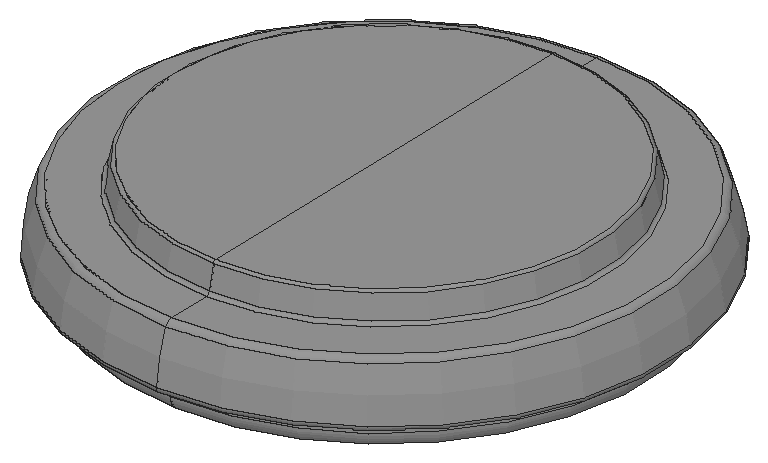
Revit family "FMK11_63_UN_Surface-mounted_ETK", category Lighting Fixtures, Revit 2017 (continued)
Definition of nested family "FMK.1 - Lightsource"
  Types (13, lengths in mm): name | Wattage Comments | Photometric Web File | built-in parameter 1150142 | Apparent Load
    FMK.1109.10N - Ø250x48 / 12W | "12W" | "FMK.1109.10n.ies" | "IESNA:LM-63-2002\r\n[TEST] /2015\r\n[TESTLAB] ies2eulumdat.appspot.com\r\n[ISSUEDATE] 2021-06-16T09:00:21.829\r\n[MANUFAC] www.etk.nl\r\n[LUMCAT] FMK.1109.10\r\n[LUMINAIRE] FMK.1 LED 12W 3000/4000/5700K ø250 niet dimbaar\r\n[LAMPCAT] LED\r\n[LAMP] LED\r\nTILT=NONE\r\n1\t1150\t1\t46\t180\t1\t2\t-0.250\t-0.250\t0\r\n1.0\t1.0\t11.80\r\n0\t 2\t 4\t 6\t 8\t 10\t 12\t 14\t 16\t 18\r\n20\t 22\t 24\t 26\t 28\t 30\t 32\t 34\t 36\t 38\r\n40\t 42\t 44\t 46\t 48\t 50\t 52\t 54\t 56\t 58\r\n60\t 62\t 64\t 66\t 68\t 70\t 72\t 74\t 76\t 78\r\n80\t 82\t 84\t 86\t 88\t 90\r\n0\t 2\t 4\t 6\t 8\t 10\t 12\t 14\t 16\t 18\r\n20\t 22\t 24\t 26\t 28\t 30\t 32\t 34\t 36\t 38\r\n40\t 42\t 44\t 46\t 48\t 50\t 52\t 54\t 56\t 58\r\n60\t 62\t 64\t 66\t 68\t 70\t 72\t 74\t 76\t 78\r\n80\t 82\t 84\t 86\t 88\t 90\t 92\t 94\t 96\t 98\r\n100\t 102\t 104\t 106\t 108\t 110\t 112\t 114\t 116\t 118\r\n120\t 122\t 124\t 126\t 128\t 130\t 132\t 134\t 136\t 138\r\n140\t 142\t 144\t 146\t 148\t 150\t 152\t 154\t 156\t 158\r\n160\t 162\t 164\t 166\t 168\t 170\t 172\t 174\t 176\t 178\r\n180\t 182\t 184\t 186\t 188\t 190\t 192\t 194\t 196\t 198\r\n200\t 202\t 204\t 206\t 208\t 210\t 212\t 214\t 216\t 218\r\n220\t 222\t 224\t 226\t 228\t 230\t 232\t 234\t 236\t 238\r\n240\t 242\t 244\t 246\t 248\t 250\t 252\t 254\t 256\t 258\r\n260\t 262\t 264\t 266\t 268\t 270\t 272\t 274\t 276\t 278\r\n280\t 282\t 284\t 286\t 288\t 290\t 292\t 294\t 296\t 298\r\n300\t 302\t 304\t 306\t 308\t 310\t 312\t 314\t 316\t 318\r\n320\t 322\t 324\t 326\t 328\t 330\t 332\t 334\t 336\t 338\r\n340\t 342\t 344\t 346\t 348\t 350\t 352\t 354\t 356\t 358\r\n\r\n405.3384\t404.7765\t404.2265\t402.9975\t401.1013\t399.2051\t395.3191\t391.4331\t387.5471\t383.661\r\n379.7751\t373.4779\t367.169\t360.8717\t354.5746\t348.2657\t339.7094\t331.1415\t322.5852\t314.029\r\n305.461\t294.8096\t284.1582\t273.5069\t262.8555\t252.2041\t239.7267\t227.261\t214.7837\t202.3181\r\n189.8525\t177.3751\t164.9094\t152.432\t139.9664\t127.4891\t0\t0\t0\t0\r\n0\t0\t0\t0\t0\t0\r\n405.3384\t404.7925\t404.2577\t403.0448\t401.1686\t399.2994\t395.4335\t391.5606\t387.7102\t383.8203\r\n379.9334\t373.6444\t367.3443\t361.0453\t354.7325\t348.4388\t339.8983\t331.3616\t322.8117\t314.2627\r\n305.722\t295.0872\t284.4404\t273.8022\t263.1576\t252.5163\t240.0548\t227.5873\t215.131\t202.664\r\n190.1945\t177.7378\t165.2697\t152.8012\t140.3312\t128.1946\t0.3296\t0\t0\t0\r\n0\t0\t0\t0\t0\t0\r\n405.3384\t404.8094\t404.2892\t403.0935\t401.2796\t399.4809\t395.6213\t391.7396\t387.8385\t383.9437\r\n380.072\t373.802\t367.5085\t361.2065\t354.9129\t348.6531\t340.137\t331.5961\t323.0451\t314.5012\r\n305.9895\t295.3818\t284.734\t274.0862\t263.4264\t252.8071\t240.376\t227.9231\t215.4572\t202.995\r\n190.53\t178.0631\t165.6056\t153.1389\t140.6717\t129.4859\t1.3419\t0\t0\t0\r\n0\t0\t0\t0\t0\t0\r\n405.3384\t404.8271\t404.3209\t403.1488\t401.3532\t399.5783\t395.7291\t391.8382\t387.9181\t384.0265\r\n380.1901\t373.9544\t367.6616\t361.3486\t355.0482\t348.8012\t340.3437\t331.8018\t323.2501\t314.6929\r\n306.2129\t295.662\t285.012\t274.3604\t263.7094\t253.1247\t240.74\t228.2758\t215.8122\t203.3491\r\n190.8749\t178.4127\t165.9503\t153.4898\t141.027\t131.3458\t3.1025\t0\t0\t0\r\n0\t0\t0\t0\t0\t0\r\n405.3384\t404.8458\t404.3591\t403.1978\t401.4167\t399.6486\t395.7816\t391.8937\t388.0038\t384.1068\r\n380.2987\t374.1143\t367.817\t361.5156\t355.2003\t348.9967\t340.5979\t332.043\t323.4957\t314.942\r\n306.4955\t295.9896\t285.3021\t274.6328\t263.9659\t253.4202\t241.0823\t228.6129\t216.1591\t203.6915\r\n191.2234\t178.7558\t166.3001\t153.8352\t141.371\t133.6544\t5.718\t0\t0\t0\r\n0\t0\t0\t0\t0\t0\r\n405.3384\t404.8652\t404.3908\t403.2459\t401.4706\t399.6646\t395.8675\t391.9843\t388.0857\t384.1821\r\n380.4316\t374.3456\t368.0256\t361.7021\t355.3697\t349.2\t340.8799\t332.2872\t323.6935\t315.0968\r\n306.6804\t296.3012\t285.6181\t274.9391\t264.248\t253.707\t241.4578\t228.9766\t216.4988\t204.0245\r\n191.5571\t179.0864\t166.6186\t154.1544\t141.6922\t136.24\t9.3369\t0\t0\t0\r\n0\t0\t0\t0\t0\t0\r\n405.3384\t404.8854\t404.4219\t403.2933\t401.5055\t399.7186\t395.9651\t392.0842\t388.1903\t384.3067\r\n380.5784\t374.5562\t368.2162\t361.8639\t355.4958\t349.3364\t341.1183\t332.5123\t323.9013\t315.2964\r\n306.9063\t296.6299\t285.9122\t275.1976\t264.4831\t253.9575\t241.8218\t229.3201\t216.8328\t204.3396\r\n191.8483\t179.3695\t166.8926\t154.4222\t141.9565\t138.8551\t14.1501\t0\t0\t0\r\n0\t0\t0\t0\t0\t0\r\n405.3384\t404.9066\t404.4521\t403.3398\t401.5506\t399.7766\t396.0731\t392.2029\t388.3231\t384.3922\r\n380.6589\t374.7488\t368.3792\t361.9898\t355.5837\t349.4181\t341.3685\t332.7528\t324.1099\t315.4532\r\n307.0598\t296.9581\t286.2249\t275.4731\t264.7159\t254.1799\t242.1928\t229.6762\t217.1659\t204.6692\r\n192.1717\t179.6758\t167.1817\t154.6978\t142.2295\t141.3105\t20.401\t0\t0\t0\r\n0\t0\t0\t0\t0\t0\r\n405.3384\t404.9688\t404.4817\t403.3908\t401.5946\t399.8358\t396.2032\t392.3475\t388.4203\t384.4425\r\n380.7195\t374.9437\t368.5473\t362.1238\t355.6851\t349.5134\t341.9282\t332.9785\t324.3069\t315.6402\r\n306.9436\t297.5694\t286.5262\t275.7395\t264.9593\t254.1623\t242.7912\t230.0358\t217.5005\t204.986\r\n192.4711\t179.9636\t167.4644\t154.9748\t142.4941\t143.2492\t28.3764\t0\t0\t0\r\n0\t0\t0\t0\t0\t0\r\n405.3384\t404.9901\t404.5102\t403.434\t401.6375\t399.8986\t396.3675\t392.4653\t388.4946\t384.4886\r\n380.7515\t375.1532\t368.7296\t362.2829\t355.7949\t349.2691\t342.1908\t333.257\t324.528\t315.7751\r\n307.0363\t297.9246\t286.8722\t276.0236\t265.1733\t254.3419\t243.18\t230.433\t217.8766\t205.3224\r\n192.7845\t180.2462\t167.7206\t155.2142\t142.724\t144.3059\t38.4235\t0\t0\t0\r\n0\t0\t0\t0\t0\t0\r\n405.3384\t405.0108\t404.5376\t403.4745\t401.6757\t399.9613\t396.5103\t392.5677\t388.5717\t384.5293\r\n380.4421\t375.6788\t368.9428\t362.4278\t355.8852\t349.3419\t342.4468\t333.4846\t324.7196\t315.9401\r\n307.1422\t298.1755\t287.1691\t276.2852\t265.4162\t254.5351\t243.54\t230.8321\t218.2158\t205.6051\r\n193.0422\t180.5018\t167.9628\t155.4439\t142.9509\t130.4715\t80.1717\t0\t0\t0\r\n0\t0\t0\t0\t0\t0\r\n405.3384\t405.0308\t404.5638\t403.5122\t401.7197\t400.0344\t396.6479\t392.675\t388.642\t384.5539\r\n380.446\t375.8849\t369.1475\t362.5941\t356.0076\t349.3402\t342.606\t333.7678\t324.9507\t316.0958\r\n307.1888\t298.3823\t287.5427\t276.5987\t265.6547\t254.6769\t243.7733\t231.1892\t218.5583\t205.9536\r\n193.3574\t180.7795\t168.2176\t155.6732\t143.1664\t130.6811\t92.6587\t0\t0\t0\r\n0\t0\t0\t0\t0\t0\r\n405.3384\t405.0504\t404.5956\t403.547\t401.7653\t400.0733\t397.0342\t392.7846\t388.7175\t384.6009\r\n380.4658\t376.0643\t369.3866\t362.7735\t356.0799\t349.3699\t342.7566\t334.0832\t325.1628\t316.2179\r\n307.2752\t298.5357\t287.9146\t276.8913\t265.8705\t254.8646\t244.0337\t231.6235\t218.9315\t206.265\r\n193.6356\t181.0339\t168.4572\t155.9156\t143.3861\t130.8825\t104.473\t0\t0\t0\r\n0\t0\t0\t0\t0\t0\r\n405.3384\t405.0692\t404.6173\t403.5726\t401.812\t400.0922\t397.1653\t392.8976\t388.795\t384.6787\r\n380.4567\t376.1942\t369.6246\t362.9226\t356.2055\t349.4272\t342.8367\t334.3769\t325.3805\t316.3703\r\n307.3625\t298.3377\t288.5546\t277.2123\t266.1258\t255.0391\t244.1559\t232.0335\t219.3073\t206.6258\r\n193.9576\t181.3129\t168.7045\t156.1324\t143.5875\t131.0872\t115.0185\t0\t0\t0\r\n0\t0\t0\t0\t0\t0\r\n405.3384\t405.0876\t404.6362\t403.6022\t401.8688\t399.828\t397.2783\t392.9976\t388.9023\t384.7385\r\n380.4432\t376.2623\t369.8607\t363.1303\t356.3361\t349.4819\t342.5273\t334.9205\t325.6274\t316.563\r\n307.4647\t298.325\t288.8953\t277.552\t266.3836\t255.2249\t244.066\t232.6598\t219.71\t206.9637\r\n194.2635\t181.5828\t168.9417\t156.3369\t143.7678\t131.2452\t123.6219\t0\t0\t0\r\n0\t0\t0\t0\t0\t0\r\n405.3384\t405.1054\t404.6527\t403.6299\t401.9954\t399.8313\t397.3825\t393.1311\t389.0376\t384.7914\r\n380.4256\t376.2601\t370.1442\t363.3441\t356.5\t349.5195\t342.4467\t335.1645\t325.9313\t316.7695\r\n307.548\t298.3169\t289.1161\t277.9297\t266.651\t255.4032\t244.1853\t232.9715\t220.1319\t207.3312\r\n194.5444\t181.8166\t169.148\t156.5181\t143.9438\t131.4005\t129.5504\t10.7169\t0\t0\r\n0\t0\t0\t0\t0\t0\r\n405.3384\t405.1227\t404.6665\t403.6558\t402.0282\t399.8387\t397.4732\t393.2952\t389.1616\t384.8421\r\n380.4176\t375.9014\t370.721\t363.6037\t356.6569\t349.5494\t342.4061\t335.3294\t326.2421\t316.9739\r\n307.6665\t298.3454\t289.1781\t278.2878\t266.963\t255.6467\t244.3238\t233.1536\t220.5163\t207.6577\r\n194.8355\t182.0686\t169.3482\t156.6677\t144.0408\t131.4715\t131.8453\t25.923\t0\t0\r\n0\t0\t0\t0\t0\t0\r\n405.3384\t405.1396\t404.6776\t403.6776\t402.0538\t399.8619\t397.5341\t393.5083\t389.2881\t384.8846\r\n380.4261\t375.832\t370.9139\t363.9038\t356.8028\t349.6355\t342.4017\t335.332\t326.5796\t317.2212\r\n307.8198\t298.3417\t288.8594\t278.9905\t267.339\t255.8866\t244.4302\t233.0061\t221.1259\t208.0094\r\n195.1274\t182.2902\t169.5075\t156.7928\t144.1389\t131.538\t118.9821\t72.5747\t0\t0\r\n0\t0\t0\t0\t0\t0\r\n405.3384\t405.1559\t404.686\t403.7113\t402.0482\t399.882\t397.6063\t393.7003\t389.4083\t384.9648\r\n380.4586\t375.7543\t371.0891\t364.165\t357.0131\t349.7518\t342.4103\t334.9484\t327.1548\t317.4999\r\n307.9709\t298.3923\t288.8332\t279.2321\t267.7019\t256.1485\t244.593\t233.049\t221.4516\t208.379\r\n195.4187\t182.5259\t169.6952\t156.9157\t144.2105\t131.5685\t118.9925\t91.6472\t0\t0\r\n0\t0\t0\t0\t0\t0\r\n405.3384\t405.1718\t404.6918\t403.7304\t402.0748\t399.9057\t397.6713\t393.8957\t389.5114\t385.088\r\n380.4979\t375.7076\t371.0587\t364.4889\t357.2386\t349.9042\t342.4218\t334.8539\t327.2884\t317.8216\r\n308.1836\t298.5219\t288.784\t279.2695\t268.1369\t256.4569\t244.7869\t233.1079\t221.6219\t208.7797\r\n195.7476\t182.7712\t169.842\t157.0084\t144.2669\t131.5897\t118.9856\t106.3522\t0\t0\r\n0\t0\t0\t0\t0\t0\r\n405.3384\t405.1872\t404.677\t403.7455\t402.1069\t399.9332\t397.7438\t394.3242\t389.6719\t385.2237\r\n380.5442\t375.6807\t370.6129\t365.0631\t357.5309\t350.0674\t342.4859\t334.7817\t327.2448\t318.4473\r\n308.4635\t298.6371\t288.784\t278.8955\t268.7927\t256.8209\t244.9966\t233.2361\t221.4851\t209.3772\r\n196.0586\t182.9925\t170.014\t157.1221\t144.303\t131.5659\t118.922\t115.4507\t0.7529\t0\r\n0\t0\t0\t0\t0\t0\r\n405.3384\t405.2023\t404.5924\t403.7567\t402.1445\t399.9518\t397.5215\t394.4699\t389.8906\t385.382\r\n380.6063\t375.6074\t370.4961\t365.1827\t357.8531\t350.2794\t342.5728\t334.767\t326.8088\t318.7303\r\n308.7717\t298.8224\t288.8326\t278.8036\t268.8778\t257.2662\t245.3121\t233.3885\t221.4719\t209.6291\r\n196.4163\t183.2663\t170.1886\t157.217\t144.3317\t131.5459\t118.8227\t106.1876\t17.4697\t0\r\n0\t0\t0\t0\t0\t0\r\n405.3384\t405.217\t404.5944\t403.7643\t402.2164\t399.9969\t397.5215\t394.5348\t390.1198\t385.5481\r\n380.6842\t375.579\t370.3695\t365.1761\t358.5091\t350.5396\t342.7377\t334.7731\t326.7113\t318.7291\r\n309.1553\t299.0695\t288.9289\t278.7193\t268.5571\t257.9194\t245.6422\t233.5555\t221.5159\t209.6959\r\n196.8141\t183.564\t170.3986\t157.3153\t144.3298\t131.4311\t118.6433\t105.963\t65.2493\t0\r\n0\t0\t0\t0\t0\t0\r\n405.3384\t405.2314\t404.597\t403.7683\t402.259\t400.1387\t397.5142\t394.6254\t390.3718\t385.7346\r\n380.7618\t375.6336\t370.2359\t364.7113\t358.7633\t350.8369\t342.942\t334.8576\t326.6208\t318.2983\r\n309.7123\t299.3766\t289.0811\t278.7695\t268.3526\t258.0866\t246.0418\t233.822\t221.6258\t209.5032\r\n197.3492\t183.8918\t170.5912\t157.4067\t144.3357\t131.3476\t118.48\t105.7362\t86.9291\t0\r\n0\t0\t0\t0\t0\t0\r\n405.3384\t405.2454\t404.6007\t403.7691\t402.2969\t400.2013\t397.5194\t394.7022\t390.8756\t385.9297\r\n380.8283\t375.6809\t370.2029\t364.5257\t358.7975\t351.2443\t343.1931\t334.9798\t326.6184\t318.1094\r\n309.6994\t299.7814\t289.3562\t278.8261\t268.235\t257.6488\t246.725\t234.1375\t221.8235\t209.5282\r\n197.4412\t184.2693\t170.8692\t157.5318\t144.3183\t131.2485\t118.3192\t105.4985\t99.8452\t0\r\n0\t0\t0\t0\t0\t0\r\n405.3384\t405.2465\t404.6055\t403.7327\t402.33\t400.28\t397.5374\t394.7758\t391.1064\t386.1222\r\n380.9814\t375.6963\t370.1916\t364.3689\t358.3019\t351.8681\t343.551\t335.1761\t326.6651\t318.0094\r\n309.224\t300.3263\t289.676\t278.9673\t268.2109\t257.4449\t246.79\t234.5954\t222.0662\t209.6096\r\n197.2538\t184.796\t171.1111\t157.6776\t144.3725\t131.1929\t118.1378\t105.2239\t92.4606\t7.417\r\n0\t0\t0\t0\t0\t0\r\n405.3384\t405.26\t404.6117\t403.7331\t402.3583\t400.3318\t397.5727\t394.5667\t391.2865\t386.3445\r\n381.2477\t375.7985\t370.1959\t364.244\t358.0878\t351.9228\t343.9437\t335.4465\t326.8059\t317.9911\r\n309.0489\t300.2024\t290.2985\t279.2004\t268.2951\t257.2789\t246.344\t235.2056\t222.4167\t209.7955\r\n197.2042\t184.8605\t171.4948\t157.9091\t144.4487\t131.1247\t117.9609\t104.9565\t92.1149\t52.9313\r\n0\t0\t0\t0\t0\t0\r\n405.3384\t405.2736\t404.6193\t403.7351\t402.3811\t400.3748\t397.6302\t394.5872\t391.3781\t386.8119\r\n381.4951\t375.9993\t370.2514\t364.1293\t357.9116\t351.3889\t344.5079\t335.822\t327.0416\t318.0736\r\n308.9557\t299.6921\t290.3569\t279.5927\t268.421\t257.3226\t246.1\t234.903\t222.8814\t210.0311\r\n197.2958\t184.6475\t172.0079\t158.165\t144.5452\t131.0796\t117.7978\t104.7315\t91.8426\t76.8551\r\n0\t0\t0\t0\t0\t0\r\n405.3384\t405.2871\t404.6284\t403.7382\t402.383\t400.4092\t397.8019\t394.6157\t391.382\t386.9759\r\n381.7537\t376.2214\t370.3501\t364.1175\t357.7917\t351.1064\t344.4201\t336.5393\t327.3814\t318.2587\r\n308.9705\t299.4656\t289.8818\t280.0753\t268.8078\t257.4031\t245.984\t234.5829\t223.2864\t210.4452\r\n197.4796\t184.6232\t171.8738\t158.4916\t144.6856\t131.1101\t117.7175\t104.5034\t91.5471\t87.0893\r\n0\t0\t0\t0\t0\t0\r\n405.3384\t405.3008\t404.6392\t403.7418\t402.3989\t400.4352\t397.8747\t394.6614\t391.0674\t387.1128\r\n382.2229\t376.4632\t370.4832\t364.2203\t357.7251\t350.8963\t343.8101\t336.6669\t327.8215\t318.561\r\n309.1145\t299.4337\t289.6313\t279.6987\t269.4041\t257.6346\t246.0417\t234.3777\t222.7877\t211.0609\r\n197.8041\t184.6956\t171.7174\t158.9026\t144.9461\t131.1605\t117.657\t104.3263\t91.2411\t78.3968\r\n8.6356\t0\t0\t0\t0\t0\r\n405.3384\t405.3146\t404.6518\t403.7453\t402.4116\t400.4333\t397.9374\t394.7255\t391.0189\t387.2362\r\n382.4741\t376.7553\t370.621\t364.3583\t357.712\t350.7498\t343.5434\t336.0689\t328.3754\t318.9975\r\n309.3575\t299.5473\t289.484\t279.3984\t269.2587\t258.261\t246.2079\t234.3624\t222.4746\t210.6739\r\n198.3975\t184.9162\t171.7187\t158.643\t145.2545\t131.3415\t117.6016\t104.16\t90.981\t78.0548\r\n54.1337\t0\t0\t0\t0\t0\r\n405.3384\t405.4889\t404.6945\t403.6712\t402.4205\t400.4506\t397.9834\t394.8928\t390.9998\t386.973\r\n382.6577\t377.3141\t370.8707\t364.5641\t357.7877\t350.7046\t343.3801\t335.7208\t327.8525\t319.6767\r\n309.7968\t299.7787\t289.6134\t279.2245\t268.6962\t258.2578\t246.6038\t234.4814\t222.3847\t210.2821\r\n198.4381\t185.3347\t171.8446\t158.564\t145.4985\t131.5442\t117.6455\t104.0124\t90.7095\t77.7184\r\n71.0115\t0\t0\t0\t0\t0\r\n405.3384\t405.5009\t404.7104\t403.6809\t402.4254\t400.4644\t398.0198\t394.9896\t391.014\t386.9406\r\n382.6666\t377.537\t371.2201\t364.837\t357.9545\t350.7593\t343.2926\t335.5022\t327.46\t319.1538\r\n310.4783\t300.1684\t289.8497\t279.2431\t268.5397\t257.661\t246.8589\t234.8353\t222.4783\t210.092\r\n197.8192\t185.7046\t172.2109\t158.5712\t145.1721\t131.9025\t117.7262\t103.9048\t90.5045\t77.4349\r\n64.724\t0\t0\t0\t0\t0\r\n405.3384\t405.512\t404.7274\t403.6949\t402.4256\t400.4737\t398.0459\t395.0319\t391.1349\t386.9314\r\n382.368\t377.565\t371.7894\t365.1647\t358.2122\t350.925\t343.2805\t335.4297\t327.1908\t318.7224\r\n309.9642\t300.886\t290.2777\t279.5029\t268.5805\t257.4726\t246.2239\t235.0727\t222.7881\t210.1727\r\n197.5617\t185.0625\t172.6371\t158.8143\t145.0846\t131.6118\t117.8827\t103.9322\t90.3265\t77.1744\r\n64.48\t35.0653\t0\t0\t0\t0\r\n405.3384\t405.522\t404.7455\t403.7452\t402.4209\t400.4773\t398.0588\t395.0488\t391.1753\t387.0135\r\n382.3352\t377.2242\t371.9159\t365.7147\t358.5534\t351.2243\t343.4254\t335.4792\t327.0606\t318.4772\r\n309.4696\t300.3065\t290.8705\t280.0089\t268.8629\t257.5392\t246.0377\t234.4621\t222.8965\t210.6316\r\n197.5873\t184.7291\t171.9505\t159.2993\t145.2866\t131.4601\t118.0115\t103.9741\t90.2222\t76.9361\r\n64.1798\t56.618\t0\t0\t0\t0\r\n405.3384\t405.5308\t404.7649\t403.7651\t402.3395\t400.4737\t398.0593\t395.0424\t391.207\t387.0567\r\n382.3506\t377.1527\t371.6378\t365.821\t359.1154\t351.6039\t343.7387\t335.6237\t327.116\t318.3892\r\n309.185\t299.8538\t290.1589\t280.4669\t269.6277\t257.8645\t246.1541\t234.2897\t222.3665\t210.3175\r\n198.0481\t184.7232\t171.6272\t158.6683\t145.768\t131.577\t117.6798\t104.1455\t90.1031\t76.7097\r\n63.9092\t51.7004\t0\t0\t0\t0\r\n405.3384\t405.5388\t404.7856\t403.7878\t402.34\t400.4766\t398.0469\t395.016\t391.2276\t387.086\r\n382.4782\t377.1848\t371.6139\t365.5258\t359.2193\t352.1252\t344.383\t335.9209\t327.3527\t318.4608\r\n309.1505\t299.601\t289.7392\t279.6691\t269.2868\t258.5846\t246.5891\t234.456\t222.2595\t209.9698\r\n197.5743\t185.146\t171.655\t158.2647\t145.101\t132.0467\t117.7168\t103.7776\t90.1162\t76.5416\r\n63.6537\t51.4481\t11.4644\t0\t0\t0\r\n405.3384\t405.5455\t404.8079\t403.8136\t402.3469\t400.3632\t398.021\t394.9736\t391.2361\t387.0991\r\n382.4999\t377.3413\t371.7228\t365.4801\t358.9167\t352.0852\t344.7107\t336.4982\t327.7775\t318.7203\r\n309.3167\t299.5744\t289.5996\t279.3072\t268.7148\t257.8887\t247.047\t235.2639\t222.5436\t209.9771\r\n197.2699\t184.5597\t171.885\t158.2865\t144.6692\t131.337\t118.1829\t103.7905\t89.9666\t76.4265\r\n63.4089\t51.1676\t44.0861\t0\t0\t0\r\n405.3384\t405.5513\t404.9774\t403.8429\t402.3609\t400.3505\t397.8886\t394.8898\t391.2407\t387.0953\r\n382.4979\t377.3824\t371.7634\t365.5989\t358.905\t351.812\t344.4396\t336.63\t328.3847\t319.3177\r\n309.7407\t299.8087\t289.728\t279.2246\t268.459\t257.4328\t246.1417\t234.7065\t223.2024\t210.4254\r\n197.4644\t184.3923\t171.2764\t158.1367\t144.9817\t130.9885\t117.4819\t104.1949\t89.9202\t76.3115\r\n63.1698\t50.8615\t39.4911\t0\t0\t0\r\n405.3384\t405.5559\t404.9992\t403.8756\t402.382\t400.349\t397.8573\t394.7468\t391.2145\t387.0848\r\n382.4587\t377.3893\t371.7642\t365.6347\t359.0468\t351.9462\t344.3869\t336.3706\t328.1386\t319.4674\r\n310.3444\t300.4744\t290.1739\t279.4322\t268.5321\t257.3547\t245.836\t234.1207\t222.3374\t210.1954\r\n198.078\t184.7804\t171.3331\t157.8412\t144.3958\t131.1966\t117.2105\t103.4803\t90.2145\t76.2405\r\n62.9998\t50.5463\t39.207\t5.7837\t0\t0\r\n
